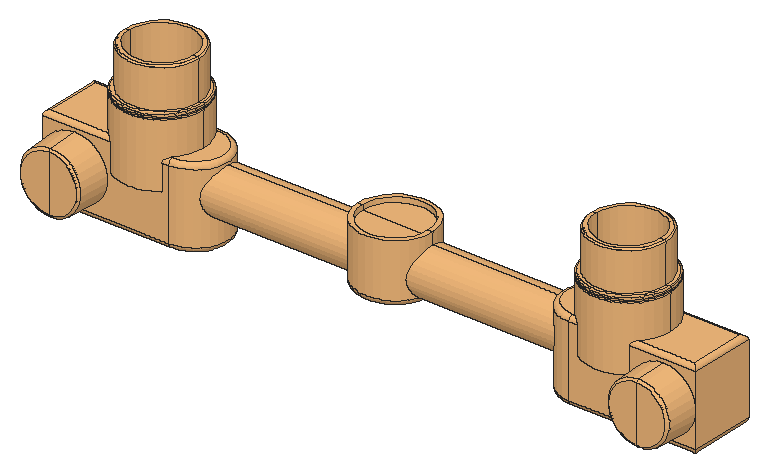
Revit family "Faucet-Valves_and_Controls-KOHLER-K-31141T", category Plumbing Fixtures, host Face, Revit 2021
Family settings
  Host = Face
  Round Connector Dimension = Use Diameter
  Part Type = Normal
  OmniClass Number = 23.27.31.00
  OmniClass Title = Valves
  Cut with Voids When Loaded = No
  Shared = No
  Room Calculation Point = No
Parameters (values of type "NA-Brass")
  Width = 11 3/128"  # constant formula
  WaterSense Certified = 1 = 0  # no
  Waste Water Outlet = "Waste Water Outlet"  # constant formula
  Waste Connection = 1 = 0  # no
  Vent Connection = 1 = 0  # no
  URL = "http://www.kohler.com.cn/"
  Type = 1
  Product Page URL = "https://www.kohler.com.cn/product/K-31141T/K-31141T-NA/"
  Product Name = ""
  Product Documentation Link = "https://files.kohler.com.cn/pdfs/1656473552156_1443561-T2_B1%20(31141T-NA%20%2034667T-NA).pdf"
  Pressure = 0.80 psi  # constant formula
  Model = if(Type = 1, "K-31141T-NA", if(Type = 2, "K-31141T-DR-NA", "NA"))  # "K-31141T-NA"
  Material = "Brass Construction"  # constant formula
  Master Format 2014 Name = "Control Valves"  # constant formula
  Master Format 2014 = "23 09 13.33"  # constant formula
  Manufacturer Address = "Kohler Beijing Office (100016) 36-2-03-B, No. 88, Liuxiang Road, Beijing"  # constant formula
  Manufacturer = "Kohler Co."  # constant formula
  Length = 2 173/256"  # constant formula
  Hot Water Inlet = "Hot Water Inlet"  # constant formula
  Height = 2 11/128"  # constant formula
  HW Connection = 1 = 1  # yes
  Flow Rate = 0 GPM
  Finish = Kohler-Metal-Brass
  Environmental Product Declaration = ""
  Description = "Double Handle Wall Outlet Basin Faucet Valve Core Type A"  # constant formula
  Default Elevation = 36"
  Declare Label = ""
  Date Modified = "02/28/2023"  # constant formula
  Date Created = "11/26/2021"  # constant formula
  Copyright = "Copyright Kohler Co."  # constant formula
  Contact Us = "http://www.kohler.com.cn/contact/contact-us/"
  Cold Water Inlet = "Cold Water Inlet"  # constant formula
  CW Connection = 1 = 1  # yes
  Assembly Code = "D2020"
  ADA Compliant = 1 = 0  # no
Types (3): name | Type | Product Page URL | Product Documentation Link | Model
  (no name) | 1 | "https://www.kohler.com.cn/product/K-31141T/K-31141T-NA/" | "https://files.kohler.com.cn/pdfs/1656473552156_1443561-T2_B1%20(31141T-NA%20%2034667T-NA).pdf" | "K-31141T-NA"
  NA-Brass | 1 | "https://www.kohler.com.cn/product/K-31141T/K-31141T-NA/" | "https://files.kohler.com.cn/pdfs/1656473552156_1443561-T2_B1%20(31141T-NA%20%2034667T-NA).pdf" | "K-31141T-NA"
  DR, NA-Brass | 2 | "" | "" | "K-31141T-DR-NA"
Reference planes (in)
  plane 1 "Center (Front/Back)": y = 0
  plane 2: z = 0
  plane 3 "Center (Left/Right)": x = 0
  plane 4: x = -3.9370079
  plane 5: x = 3.9370079
  plane 6: x = 4.9606299
  plane 7: x = 5.511811
  plane 8: x = -4.9606299
  plane 9: x = -5.5116265
  plane 10: z = -1.8503937
  plane 11: z = -2.007874
  plane 12: y = 0.9835753
  plane 13: y = -1.1023622
  plane 14: z = 1.6939284
  plane 15: x = -4.6456693
  plane 16: x = -3.2283465
  plane 17: x = -0.6692913
  plane 18: x = 0.6692913
  plane 19: x = 4.6456693
  plane 20: x = 3.2283465
  plane 21: y = 0.7086614
  plane 22: y = -0.7086614
  plane 23: x = 0.6300206
  plane 24: x = -0.6300206
  plane 25: z = -2.6757813
Forms (in)
  Extrusion 1, void
    sketch origin (0, 0, 0) x (1, 0, 0) y (0, 1, 0)
      loop
        circle (-3.9370079, 0) r 0.7086614
      loop
        circle (3.9370079, 0) r 0.7086614
      loop
        circle (0, 0) r 0.6692913
    from 0 to -1.3385827
  Extrusion 2, void
    sketch origin (0, 0, 0) x (1, 0, 0) y (0, 0, 1)
      loop
        line (-5.5116265, -2.6814476) -> (5.511811, -2.6814476) -> (5.511811, -1.3385827) -> (-5.5116265, -1.3385827) -> (-5.5116265, -2.6814476)
    from -0.984252 to 1.1023622
Dimensions and locks (in)
  "Height": plane 12 to plane 13
  locked: plane 11 to plane 2 at 2.007874
  locked: plane 15 to plane 16 at 1.4173228
  locked: plane 20 to plane 19 at 1.4173228
  locked: plane 21 to plane 22 at 1.4173228
  locked: plane 17 to plane 18 at 1.3385827
  plane 5 to plane 4 = 7.87402"
  locked: plane 8 to plane 6 at 9.9212598
  "Width": plane 7 to plane 9
  plane 4 to plane 3 "Center (Left/Right)" to plane 5 = 3.93701", 3.93701"
  "Length": level to plane 25
  aligned and locked: plane 2 to host face
  aligned and locked: level to host face
  aligned and locked: plane 3 "Center (Left/Right)" to nested 1
  aligned and locked: plane 1 "Center (Front/Back)" to nested 1
Automatic sketch dimensions
  host sketch curve to host sketch curve = 96"  (x2)
  plane 1 "Center (Front/Back)" to Extrusion 1 sketch curve = 0"  (x3)
  Extrusion 1 sketch curve to plane 4 = 0"
  Extrusion 1 sketch curve to plane 3 "Center (Left/Right)" = 0"
  Extrusion 1 sketch curve to plane 5 = 0"
  plane 9 to Extrusion 2 sketch curve = 0"
  Extrusion 2 sketch curve to plane 7 = 0"
  plane 10 to Extrusion 2 sketch curve = 0.51181"
  plane 11 to Extrusion 2 sketch curve = 0.67357"
  radius of Extrusion 1 sketch curve = 0.70866"  (x2)
  radius of Extrusion 1 sketch curve = 0.66929"
Nested families (in)
  nested 1: "K-31141T" at (0, 0, -2.6771654), type "K-31141T"
Connectors (in)
  piping at (-4.9606299, -1.1023622, -2.007874), diameter 0.5, driven by "HW Connection", driven by "Hot Water Inlet", driven by "Flow Rate"
    settings: on nested 1, index 1, connector inside diameter 24", connector length 0", flow factor 0, pipe flow 0 GPM, pressure drop 0.00 psi, fitting loss kfactor 0, connector angle 0.00°, fixture units 0, engagement length 0", angle of deflection 0.00°, flow configuration 0, flow direction 1, fitting loss method 0, system type 19, joint type 0, gender type 0, connector reference index -1, connector utility 1, adjustable connector no, is connector primary yes, connector description "Hot Water Inlet"
  piping at (4.9606299, -1.1023622, -2.007874), diameter 0.5, driven by "CW Connection", driven by "Cold Water Inlet", driven by "Flow Rate"
    settings: on nested 1, index 2, connector inside diameter 24", connector length 0", flow factor 0, pipe flow 0 GPM, pressure drop 0.00 psi, fitting loss kfactor 0, connector angle 0.00°, fixture units 0, engagement length 0", angle of deflection 0.00°, flow configuration 0, flow direction 1, fitting loss method 0, system type 20, joint type 0, gender type 0, connector reference index -1, connector utility 1, adjustable connector no, is connector primary no, connector description "Cold Water Inlet"
Definition of nested family "K-31141T"
  Parameters (values of type "K-31141T")
    Material = none
    Default Elevation = 0"
  Reference planes (in)
    plane 1 "Center (Front/Back)": y = 0
    plane 2: z = 0
    plane 3 "Center (Left/Right)": x = 0
    plane 4: x = -3.9370079
    plane 5: x = 3.9370079
    plane 6 "A": x = -4.9606299
    plane 7: x = 4.9606299
    plane 8: x = -5.511811
    plane 9: x = 5.511811
    plane 10: z = 4.3700787
    plane 11: z = 0.6692913
    plane 12: z = 2.6771654
    plane 13: y = -1.1023622
    plane 14: y = 0.984252
    plane 15: z = 0.8267716
  Forms (in)
    Sweep 1, solid, material <- "Material", detail levels medium+fine
      path origin (0, 0, 0) x (1, 0, 0) y (0, 1, 0)
        loop
          line (-3.3725741, 0.5511811) -> (-5.511811, 0.5511811) -> (-5.511811, -0.5511811) -> (-3.3725741, -0.5511811)
          arc (-3.3725741, -0.5511811) -> (-2.821393, 0) -> (-3.3725741, 0.5511811) r 0.5511811
      profile origin (-4.4421926, 0.5511811, 0) x (0, -1, 0) y (0, 0, 1)
        loop
          arc (0.0787402, 1.3385827) -> (0.0230625, 1.3155202) -> (0, 1.2598425) r 0.0787402
          line (0, 1.2598425) -> (0, 0.0787402)
          arc (0, 0.0787402) -> (0.0230625, 0.0230625) -> (0.0787402, 0) r 0.0787402
          line (0.0787402, 0) -> (0.1968504, 0) -> (0.1968504, 1.3385827) -> (0.0787402, 1.3385827)
    Extrusion 2, solid, material <- "Material", detail levels medium+fine
      sketch origin (0, 0, 0) x (1, 0, 0) y (0, 1, 0)
        loop
          line (-5.3149606, 0.3543307) -> (-5.3149606, -0.3543307) -> (-3.3725741, -0.3543307)
          arc (-3.3725741, -0.3543307) -> (-3.0182434, 0) -> (-3.3725741, 0.3543307) r 0.3543307
          line (-3.3725741, 0.3543307) -> (-5.3149606, 0.3543307)
      from 0 to 1.3385827
    Sweep 3, solid, material <- "Material", detail levels medium+fine
      path origin (0, 0, 0) x (-1, 0, 0) y (0, 1, 0)
        loop
          line (-3.3725741, 0.5511811) -> (-5.511811, 0.5511811) -> (-5.511811, -0.5511811) -> (-3.3725741, -0.5511811)
          arc (-3.3725741, -0.5511811) -> (-2.821393, 0) -> (-3.3725741, 0.5511811) r 0.5511811
      profile origin (4.4421926, 0.5511811, 0) x (0, 1, 0) y (0, 0, 1)
        loop
          line (-0.0787402, 1.3385827) -> (-0.2214567, 1.3385827) -> (-0.2214567, 0) -> (-0.0787402, 0)
          arc (-0.0787402, 0) -> (-0.0230625, 0.0230625) -> (0, 0.0787402) r 0.0787402
          line (0, 0.0787402) -> (0, 1.2598425)
          arc (0, 1.2598425) -> (-0.0230625, 1.3155202) -> (-0.0787402, 1.3385827) r 0.0787402
    Extrusion 4, solid, material <- "Material", detail levels medium+fine
      sketch origin (0, 0, 0) x (1, 0, 0) y (0, 1, 0)
        loop
          arc (-4.0551181, 0.984252) -> (-4.1107958, 0.9611895) -> (-4.1338583, 0.9055118) r 0.0787402
          line (-4.1338583, 0.9055118) -> (-4.1338583, 0.3543307) -> (-3.7401575, 0.3543307) -> (-3.7401575, 0.9055118)
          arc (-3.7401575, 0.9055118) -> (-3.7632199, 0.9611895) -> (-3.8188976, 0.984252) r 0.0787402
          line (-3.8188976, 0.984252) -> (-4.0551181, 0.984252)
        loop
          line (4.0551181, 0.984252) -> (3.8188976, 0.984252)
          arc (3.8188976, 0.984252) -> (3.7632199, 0.9611895) -> (3.7401575, 0.9055118) r 0.0787402
          line (3.7401575, 0.9055118) -> (3.7401575, 0.3989072) -> (4.1338583, 0.3989072) -> (4.1338583, 0.9055118)
          arc (4.1338583, 0.9055118) -> (4.1107958, 0.9611895) -> (4.0551181, 0.984252) r 0.0787402
      from 0 to 0.2362205
    Revolve 5, solid, material <- "Material", detail levels medium+fine
      sketch origin (0, 0, 0) x (1, 0, 0) y (0, 0, 1)
        loop
          line (-3.0551694, 0.8267716) -> (3.0150473, 0.8267716) -> (3.0150473, 1.2204724) -> (-3.0551694, 1.2204724) -> (-3.0551694, 0.8267716)
        axis (-3.0551694, 0.8267716) -> (3.0150473, 0.8267716)
      angle from 0 to 360
    Revolve 6, solid, material <- "Material", detail levels medium+fine
      sketch origin (0, 0, 0) x (1, 0, 0) y (0, 0, 1)
        loop
          line (0, 1.3354504) -> (0, 0.4330708) -> (0.5512805, 0.4330708)
          arc (0.5512805, 0.4330708) -> (0.6069582, 0.4561333) -> (0.6300206, 0.511811) r 0.0787402
          line (0.6300206, 0.511811) -> (0.6300206, 1.4173228) -> (0.5535995, 1.4173228) -> (0.5535995, 1.3354504) -> (0, 1.3354504)
        axis (0, 1.4173228) -> (0, 0.4330708)
      angle from 0 to 360
    Revolve 7, solid, material <- "Material", detail levels medium+fine
      sketch origin (0, 0, 0) x (1, 0, 0) y (0, 0, 1)
        loop
          line (-3.3069482, 2.007874) -> (-3.3069482, 2.6539138) -> (-3.3301997, 2.6771654) -> (-3.3940045, 2.6771654) -> (-3.3940045, 2.007874) -> (-3.9370079, 2.007874) -> (-3.9370079, 0.8267716) -> (-3.2283465, 0.8267716) -> (-3.2283465, 1.9094488)
          arc (-3.2283465, 1.9094488) -> (-3.2341121, 1.9233682) -> (-3.2480315, 1.9291339) r 0.019685
          arc (-3.2480315, 1.9291339) -> (-3.2341121, 1.9348995) -> (-3.2283465, 1.9488189) r 0.019685
          line (-3.2283465, 1.9488189) -> (-3.2283465, 1.988189)
          arc (-3.2283465, 1.988189) -> (-3.2341121, 2.0021084) -> (-3.2480315, 2.007874) r 0.019685
          line (-3.2480315, 2.007874) -> (-3.3069482, 2.007874)
        axis (-3.9370079, 2.6771654) -> (-3.9370079, 0.8267716)
      angle from 0 to 360
    Revolve 8, solid, material <- "Material", detail levels medium+fine
      sketch origin (0, 0, 0) x (-1, 0, 0) y (0, 0, 1)
        loop
          line (-3.3069482, 2.007874) -> (-3.3069482, 2.6539138) -> (-3.3301997, 2.6771654) -> (-3.3940045, 2.6771654) -> (-3.3940045, 2.007874) -> (-3.9370079, 2.007874) -> (-3.9370079, 0.8267716) -> (-3.2283465, 0.8267716) -> (-3.2283465, 1.9094488)
          arc (-3.2283465, 1.9094488) -> (-3.2341121, 1.9233682) -> (-3.2480315, 1.9291339) r 0.019685
          arc (-3.2480315, 1.9291339) -> (-3.2341121, 1.9348995) -> (-3.2283465, 1.9488189) r 0.019685
          line (-3.2283465, 1.9488189) -> (-3.2283465, 1.988189)
          arc (-3.2283465, 1.988189) -> (-3.2341121, 2.0021084) -> (-3.2480315, 2.007874) r 0.019685
          line (-3.2480315, 2.007874) -> (-3.3069482, 2.007874)
        axis (-3.9370079, 2.6771654) -> (-3.9370079, 0.8267716)
      angle from 0 to 360
    Revolve 9, solid, material <- "Material", detail levels medium+fine
      sketch origin (-4.9606299, 0, 0) x (0, 1, 0) y (0, 0, 1)
        loop
          line (-1.1023622, 1.1441604) -> (-1.1023622, 0.6692913) -> (-0.5511811, 0.6692913) -> (-0.5511811, 1.2111906) -> (-1.0649647, 1.1842644) -> (-1.1023622, 1.1441604)
        axis (-0.5511811, 0.6692913) -> (-1.1023622, 0.6692913)
      angle from 0 to 360
    Revolve 10, solid, material <- "Material", detail levels medium+fine
      sketch origin (4.9606299, 0, 0) x (0, 1, 0) y (0, 0, -1)
        loop
          line (-1.1023622, -1.1441604) -> (-1.0649647, -1.1842644) -> (-0.5511811, -1.2111906) -> (-0.5511811, -0.6692913) -> (-1.1023622, -0.6692913) -> (-1.1023622, -1.1441604)
        axis (-0.5511811, -0.6692913) -> (-1.1023622, -0.6692913)
      angle from 0 to 360
    Extrusion 11, solid, material <- "Material", detail levels medium+fine
      sketch origin (0, 0, 0) x (1, 0, 0) y (0, 1, 0)
        loop
          arc (3.3725741, 0.3297244) -> (3.0428497, 0) -> (3.3725741, -0.3297244) r 0.3297244
          line (3.3725741, -0.3297244) -> (5.2903543, -0.3297244) -> (5.2903543, 0.3297244) -> (3.3725741, 0.3297244)
      from 0 to 1.3385827
    Extrusion 12, solid, material <- "Material", detail levels coarse
      sketch origin (0, 0, 0) x (1, 0, 0) y (0, 1, 0)
        loop
          line (-5.5128723, 0.5522486) -> (-5.5128723, -0.5511811) -> (-3.3716741, -0.5511811)
          arc (-3.3716741, -0.5511811) -> (-2.8199593, 0.0005337) -> (-3.3716741, 0.5522486) r 0.5517148
          line (-3.3716741, 0.5522486) -> (-5.5128723, 0.5522486)
        loop
          line (5.5128723, 0.5522486) -> (3.3716741, 0.5522486)
          arc (3.3716741, 0.5522486) -> (2.8199593, 0.0005337) -> (3.3716741, -0.5511811) r 0.5517148
          line (3.3716741, -0.5511811) -> (5.5128723, -0.5511811) -> (5.5128723, 0.5522486)
      from 0 to 1.337081
    Revolve 13, solid, material <- "Material", detail levels coarse
      sketch origin (0, 0, 0) x (1, 0, 0) y (0, 0, 1)
        loop
          line (-3.9370079, 2.6771654) -> (-3.9370079, 0.8267716) -> (-3.2283465, 0.8267716) -> (-3.2283465, 2.6771654) -> (-3.9370079, 2.6771654)
        axis (-3.9370079, 2.6771654) -> (-3.9370079, 0.8267716)
      angle from 0 to 360
    Revolve 14, solid, material <- "Material", detail levels coarse
      sketch origin (0, 0, 0) x (-1, 0, 0) y (0, 0, 1)
        loop
          line (-3.9370079, 2.6771654) -> (-3.9370079, 0.8267716) -> (-3.2283465, 0.8267716) -> (-3.2283465, 2.6771654) -> (-3.9370079, 2.6771654)
        axis (-3.9370079, 2.6771654) -> (-3.9370079, 0.8267716)
      angle from 0 to 360
    Revolve 15, solid, material <- "Material", detail levels coarse
      sketch origin (0, 0, 0) x (1, 0, 0) y (0, 0, 1)
        loop
          line (3.9370079, 0.8267716) -> (3.9370079, 1.2204724) -> (-3.9370079, 1.2204724) -> (-3.9370079, 0.8267716) -> (3.9370079, 0.8267716)
        axis (-3.9370079, 0.8267716) -> (3.9370079, 0.8267716)
      angle from 0 to 360
    Revolve 16, solid, material <- "Material", detail levels coarse
      sketch origin (-4.9606299, 0, 0) x (0, 1, 0) y (0, 0, 1)
        loop
          line (-0.5511811, 0.6692913) -> (-0.5511811, 1.2049599) -> (-1.1023622, 1.1760738) -> (-1.1023622, 0.6692913) -> (-0.5511811, 0.6692913)
        axis (-0.5511811, 0.6692913) -> (-1.1023622, 0.6692913)
      angle from 0 to 360
    Revolve 17, solid, material <- "Material", detail levels coarse
      sketch origin (4.9606299, 0, 0) x (0, 1, 0) y (0, 0, -1)
        loop
          line (-0.5511811, -0.6692913) -> (-1.1023622, -0.6692913) -> (-1.1023622, -1.1760738) -> (-0.5511811, -1.2049599) -> (-0.5511811, -0.6692913)
        axis (-0.5511811, -0.6692913) -> (-1.1023622, -0.6692913)
      angle from 0 to 360
    Extrusion 18, solid, material <- "Material", detail levels coarse
      sketch origin (0, 0, 0) x (1, 0, 0) y (0, 1, 0)
        loop
          line (-4.1338583, 0.984252) -> (-4.1338583, 0) -> (-3.7401575, 0) -> (-3.7401575, 0.984252) -> (-4.1338583, 0.984252)
        loop
          line (4.1338583, 0.984252) -> (3.7401575, 0.984252) -> (3.7401575, 0) -> (4.1338583, 0) -> (4.1338583, 0.984252)
      from 0 to 0.2362205
    Extrusion 19, solid, detail levels medium+fine
      sketch origin (0, 0, 0) x (1, 0, 0) y (0, 0, 1)
        loop
          circle (-2.5404329, 0.8267716) r 0.0590551
      from -0.3514527 to -0.394532
    Revolve 20, solid, material <- "Material", detail levels coarse
      sketch origin (0, 0, 0) x (1, 0, 0) y (0, 0, 1)
        loop
          line (0, 1.4173228) -> (0, 0.4338436) -> (0.6300206, 0.4338436) -> (0.6300206, 1.4173228) -> (0, 1.4173228)
        axis (0, 1.4173228) -> (0, 0.4338436)
      angle from 0 to 360
  Cuts and joins
    joined: Sweep 1, Extrusion 2, Extrusion 4, Revolve 5, Revolve 6, Revolve 7, Revolve 8, Revolve 9, Revolve 10
    joined: Sweep 3, Extrusion 11
    joined: Extrusion 12, Revolve 13, Revolve 14, Revolve 15, Revolve 16, Revolve 17, Extrusion 18
  Lines and regions (in)
    Masking region 1
      outline origin (0, 0, 0) x (1, 0, 0) y (0, 1, 0)
        loop
          circle (-3.9370079, 0) r 0.7086614
        loop
          circle (0, 0) r 0.6300206
        loop
          circle (3.9370079, 0) r 0.7086614
    Masking region 2
      outline origin (0, 0, 0) x (0, 1, 0) y (0, 0, 1)
        loop
          line (-0.4724409, 0) -> (0.9448819, 0)
          arc (0.9448819, 0) -> (0.9727207, 0.0115312) -> (0.984252, 0.0393701) r 0.0393701
          line (0.984252, 0.0393701) -> (0.984252, 0.1968504)
          arc (0.984252, 0.1968504) -> (0.9727207, 0.2246892) -> (0.9448819, 0.2362205) r 0.0393701
          line (0.9448819, 0.2362205) -> (0.5511811, 0.2362205) -> (0.5511811, 0.4333571)
          arc (0.5511811, 0.4333571) -> (0.6071938, 0.4602119) -> (0.6299213, 0.5180224) r 0.0848883
          line (0.6299213, 0.5180224) -> (0.6299213, 0.8267716) -> (0.7086614, 0.8267716) -> (0.7086614, 1.9071038)
          arc (0.7086614, 1.9071038) -> (0.702209, 1.9226814) -> (0.6866314, 1.9291339) r 0.02203
          arc (0.6866314, 1.9291339) -> (0.702209, 1.9355863) -> (0.7086614, 1.9511639) r 0.02203
          line (0.7086614, 1.9511639) -> (0.7086614, 1.988032)
          arc (0.7086614, 1.988032) -> (0.7028498, 2.0020624) -> (0.6888194, 2.007874) r 0.019842
          line (0.6888194, 2.007874) -> (0.6300597, 2.007874) -> (0.6300597, 2.6539138) -> (0.6068081, 2.6771654) -> (-0.6068081, 2.6771654) -> (-0.6300597, 2.6539138) -> (-0.6300597, 2.007874) -> (-0.6888194, 2.007874)
          arc (-0.6888194, 2.007874) -> (-0.7028498, 2.0020624) -> (-0.7086614, 1.988032) r 0.019842
          line (-0.7086614, 1.988032) -> (-0.7086614, 1.9511639)
          arc (-0.7086614, 1.9511639) -> (-0.702209, 1.9355863) -> (-0.6866314, 1.9291339) r 0.02203
          arc (-0.6866314, 1.9291339) -> (-0.702209, 1.9226814) -> (-0.7086614, 1.9071038) r 0.02203
          line (-0.7086614, 1.9071038) -> (-0.7086614, 1.1967067) -> (-1.0649647, 1.1842644) -> (-1.1023622, 1.1441604) -> (-1.1023622, 0.1944223) -> (-1.0649647, 0.1543183) -> (-0.5511811, 0.1363766) -> (-0.5511811, 0.0787402)
          arc (-0.5511811, 0.0787402) -> (-0.5281186, 0.0230625) -> (-0.4724409, 0) r 0.0787402
    Masking region 3, detail levels medium+fine
      outline origin (0, 0, 0) x (1, 0, 0) y (0, 0, 1)
        loop
          arc (5.511811, 1.2583408) -> (5.4887486, 1.3140185) -> (5.4330709, 1.337081) r 0.0787402
          line (5.4330709, 1.337081) -> (4.6456693, 1.337081) -> (4.6456693, 1.9094488)
          arc (4.6456693, 1.9094488) -> (4.6399037, 1.9233682) -> (4.6259843, 1.9291339) r 0.019685
          arc (4.6259843, 1.9291339) -> (4.6399037, 1.9348995) -> (4.6456693, 1.9488189) r 0.019685
          line (4.6456693, 1.9488189) -> (4.6456693, 1.988189)
          arc (4.6456693, 1.988189) -> (4.6399037, 2.0021084) -> (4.6259843, 2.007874) r 0.019685
          line (4.6259843, 2.007874) -> (4.5670676, 2.007874) -> (4.5670676, 2.6539138) -> (4.543816, 2.6771654) -> (3.3301997, 2.6771654) -> (3.3069482, 2.6539138) -> (3.3069482, 2.007874) -> (3.2480315, 2.007874)
          arc (3.2480315, 2.007874) -> (3.2341121, 2.0021084) -> (3.2283465, 1.988189) r 0.019685
          line (3.2283465, 1.988189) -> (3.2283465, 1.9488189)
          arc (3.2283465, 1.9488189) -> (3.2341121, 1.9348995) -> (3.2480315, 1.9291339) r 0.019685
          arc (3.2480315, 1.9291339) -> (3.2341121, 1.9233682) -> (3.2283465, 1.9094488) r 0.019685
          line (3.2283465, 1.9094488) -> (3.2283465, 1.337081) -> (2.937907, 1.337081)
          arc (2.937907, 1.337081) -> (2.8554523, 1.3029271) -> (2.8212985, 1.2204724) r 0.1166085
          line (2.8212985, 1.2204724) -> (0.6300206, 1.2204724) -> (0.6300206, 1.4173228) -> (-0.6300206, 1.4173228) -> (-0.6300206, 1.2204724) -> (-2.8212985, 1.2204724)
          arc (-2.8212985, 1.2204724) -> (-2.8554523, 1.3029271) -> (-2.937907, 1.337081) r 0.1166085
          line (-2.937907, 1.337081) -> (-3.2283465, 1.337081) -> (-3.2283465, 1.9094488)
          arc (-3.2283465, 1.9094488) -> (-3.2341121, 1.9233682) -> (-3.2480315, 1.9291339) r 0.019685
          arc (-3.2480315, 1.9291339) -> (-3.2341121, 1.9348995) -> (-3.2283465, 1.9488189) r 0.019685
          line (-3.2283465, 1.9488189) -> (-3.2283465, 1.988189)
          arc (-3.2283465, 1.988189) -> (-3.2341121, 2.0021084) -> (-3.2480315, 2.007874) r 0.019685
          line (-3.2480315, 2.007874) -> (-3.3069482, 2.007874) -> (-3.3069482, 2.6539138) -> (-3.3301997, 2.6771654) -> (-4.543816, 2.6771654) -> (-4.5670676, 2.6539138) -> (-4.5670676, 2.007874) -> (-4.6259843, 2.007874)
          arc (-4.6259843, 2.007874) -> (-4.6399037, 2.0021084) -> (-4.6456693, 1.988189) r 0.019685
          line (-4.6456693, 1.988189) -> (-4.6456693, 1.9488189)
          arc (-4.6456693, 1.9488189) -> (-4.6399037, 1.9348995) -> (-4.6259843, 1.9291339) r 0.019685
          arc (-4.6259843, 1.9291339) -> (-4.6399037, 1.9233682) -> (-4.6456693, 1.9094488) r 0.019685
          line (-4.6456693, 1.9094488) -> (-4.6456693, 1.337081) -> (-5.4330709, 1.337081)
          arc (-5.4330709, 1.337081) -> (-5.4887486, 1.3140185) -> (-5.511811, 1.2583408) r 0.0787402
          line (-5.511811, 1.2583408) -> (-5.511811, 0.0787402)
          arc (-5.511811, 0.0787402) -> (-5.4887486, 0.0230625) -> (-5.4330709, 0) r 0.0787402
          line (-5.4330709, 0) -> (-2.9000386, 0)
          arc (-2.9000386, 0) -> (-2.8443609, 0.0230625) -> (-2.8212985, 0.0787402) r 0.0787402
          line (-2.8212985, 0.0787402) -> (-2.8212985, 0.4338436) -> (2.8212985, 0.4338436) -> (2.8212985, 0.0787402)
          arc (2.8212985, 0.0787402) -> (2.8443609, 0.0230625) -> (2.9000386, 0) r 0.0787402
          line (2.9000386, 0) -> (5.4330709, 0)
          arc (5.4330709, 0) -> (5.4887486, 0.0230625) -> (5.511811, 0.0787402) r 0.0787402
          line (5.511811, 0.0787402) -> (5.511811, 1.2583408)
    symbolic lines, detail levels medium+fine
      curve 1: circle (-3.9370079, 0, 0) r 0.6300597 normal (0, 0, 1)
      curve 2: circle (-3.9370079, 0, 0) r 0.6068081 normal (0, 0, 1)
      curve 3: circle (-3.9370079, 0, 0) r 0.5430034 normal (0, 0, 1)
      curve 4: line (0, 0.5511811, 0.2362205) -> (0, 0.5511811, 0.0787402)
      curve 5: arc (0, 0.5511811, 0.0787402) -> (0, 0.5281186, 0.0230625) -> (0, 0.4724409, 0) r 0.0787402
      curve 6: line (0, 0.5511811, 0.4333571) -> (0, 0.5511811, 1.2598425)
      curve 7: line (0, 0.4724409, 1.3385827) -> (0, -0.4724409, 1.3385827)
      curve 8: line (0, -0.5524324, 1.2602883) -> (0, -0.5511811, 0.1363766)
      curve 9: arc (0, 0.5511811, 1.2598425) -> (0, 0.5281186, 1.3155202) -> (0, 0.4724409, 1.3385827) r 0.0787402
      curve 10: arc (0, -0.4724409, 1.3385827) -> (0, -0.5284067, 1.3157516) -> (0, -0.5524324, 1.2602883) r 0.0800098
      curve 11: line (0, -1.0649647, 1.1842644) -> (0, -1.0649647, 0.1543183)
      curve 12: line (0, -0.7086614, 1.1967067) -> (0, -0.5523707, 1.2048976)
      curve 13: line (0, 0.6889764, 1.9291339) -> (0, -0.6866314, 1.9291339)
      curve 14: line (0, 0.6553268, 2.007874) -> (0, -0.6553268, 2.007874)
      curve 15: line (0, 0.6300597, 2.6539138) -> (0, 0.6300597, 2.007874)
      curve 16: line (0, 0.6300597, 2.6539138) -> (0, 0.6068081, 2.6771654)
      curve 17: line (0, -0.6300597, 2.6539138) -> (0, -0.6300597, 2.007874)
      curve 18: line (0, -0.6300597, 2.6539138) -> (0, -0.6068081, 2.6771654)
      curve 19: line (0, 0.6068081, 2.6771654) -> (0, -0.6068081, 2.6771654)
      curve 20: line (0, 0.6300597, 2.6539138) -> (0, -0.6300597, 2.6539138)
      curve 21: line (4.6456693, 0, 1.337081) -> (3.2283465, 0, 1.337081)
      curve 22: line (4.0944882, 0, 0.2362205) -> (3.7795276, 0, 0.2362205)
      curve 23: line (4.1338583, 0, 0.0393701) -> (4.1338583, 0, 0.1968504)
      curve 24: line (3.7795276, 0, 0) -> (4.0944882, 0, 0)
      curve 25: line (3.7401575, 0, 0.1968504) -> (3.7401575, 0, 0.0393701)
      curve 26: arc (4.1338583, 0, 0.1968504) -> (4.122327, 0, 0.2246892) -> (4.0944882, 0, 0.2362205) r 0.0393701
      curve 27: arc (4.0944882, 0, 0) -> (4.122327, 0, 0.0115312) -> (4.1338583, 0, 0.0393701) r 0.0393701
      curve 28: arc (3.7795276, 0, 0.2362205) -> (3.7516887, 0, 0.2246892) -> (3.7401575, 0, 0.1968504) r 0.0393701
      curve 29: arc (3.7401575, 0, 0.0393701) -> (3.7516887, 0, 0.0115312) -> (3.7795276, 0, 0) r 0.0393701
      curve 30: line (-3.4915863, 0, 0.8267716) -> (-4.3824295, 0, 0.8267716)
      curve 31: line (-3.4915863, 0, 0.8267716) -> (-3.4915863, 0, 1.2598425)
      curve 32: line (-3.2283465, 0, 1.3385827) -> (-3.4086822, 0, 1.3385827)
      curve 33: arc (-3.4086822, 0, 1.3385827) -> (-3.4658511, 0, 1.3157605) -> (-3.4915863, 0, 1.2598425) r 0.0830141
      curve 34: line (-4.3824295, 0, 1.2641565) -> (-4.3824295, 0, 0.8267716)
      curve 35: spline (-4.4560759, 0, 1.3378492) -> (-4.4485397, 0, 1.3372637) -> (-4.4409948, 0, 1.3355137) -> (-4.4335254, 0, 1.3326188) -> (-4.4262146, 0, 1.3286111) -> (-4.4191437, 0, 1.3235352) -> (-4.4123914, 0, 1.3174477) -> (-4.406033, 0, 1.3104164) -> (-4.4001392, 0, 1.3025193) -> (-4.3947755, 0, 1.2938446) -> (-4.3900018, 0, 1.2844888) -> (-4.3858711, 0, 1.2745559) -> (-4.3824295, 0, 1.2641565)
      curve 36: line (-4.4560759, 0, 1.3385827) -> (-4.6456693, 0, 1.3385827)
      curve 37: line (-2.821393, 0, 1.2204724) -> (-2.821393, 0, 0.4330708)
      curve 38: line (-3.2480315, 0, 2.007874) -> (-4.6259843, 0, 2.007874)
      curve 39: line (-4.5670676, 0, 2.6539138) -> (-3.3069482, 0, 2.6539138)
      curve 40: line (-4.6259843, 0, 1.9291339) -> (-3.2480315, 0, 1.9291339)
      curve 41: line (-4.0944882, 0, 0.2362205) -> (-3.7795276, 0, 0.2362205)
      curve 42: line (-4.1338583, 0, 0.0393701) -> (-4.1338583, 0, 0.1968504)
      curve 43: line (-3.7795276, 0, 0) -> (-4.0944882, 0, 0)
      curve 44: line (-3.7401575, 0, 0.1968504) -> (-3.7401575, 0, 0.0393701)
      curve 45: arc (-4.1338583, 0, 0.1968504) -> (-4.122327, 0, 0.2246892) -> (-4.0944882, 0, 0.2362205) r 0.0393701
      curve 46: arc (-4.0944882, 0, 0) -> (-4.122327, 0, 0.0115312) -> (-4.1338583, 0, 0.0393701) r 0.0393701
      curve 47: arc (-3.7795276, 0, 0.2362205) -> (-3.7516887, 0, 0.2246892) -> (-3.7401575, 0, 0.1968504) r 0.0393701
      curve 48: arc (-3.7401575, 0, 0.0393701) -> (-3.7516887, 0, 0.0115312) -> (-3.7795276, 0, 0) r 0.0393701
      curve 49: line (2.821393, 0, 1.2204724) -> (2.821393, 0, 0.4330708)
      curve 50: line (3.4915863, 0, 0.8267716) -> (4.3824295, 0, 0.8267716)
      curve 51: line (3.4915863, 0, 0.8267716) -> (3.4915863, 0, 1.2598425)
      curve 52: line (3.2283465, 0, 1.3385827) -> (3.4086822, 0, 1.3385827)
      curve 53: arc (3.4086822, 0, 1.3385827) -> (3.4658511, 0, 1.3157605) -> (3.4915863, 0, 1.2598425) r 0.0830141
      curve 54: line (4.3824295, 0, 1.2641565) -> (4.3824295, 0, 0.8267716)
      curve 55: spline (4.4560759, 0, 1.3378492) -> (4.4485397, 0, 1.3372637) -> (4.4409948, 0, 1.3355137) -> (4.4335254, 0, 1.3326188) -> (4.4262146, 0, 1.3286111) -> (4.4191437, 0, 1.3235352) -> (4.4123914, 0, 1.3174477) -> (4.406033, 0, 1.3104164) -> (4.4001392, 0, 1.3025193) -> (4.3947755, 0, 1.2938446) -> (4.3900018, 0, 1.2844888) -> (4.3858711, 0, 1.2745559) -> (4.3824295, 0, 1.2641565)
      curve 56: line (4.4560759, 0, 1.3385827) -> (4.6456693, 0, 1.3385827)
      curve 57: line (3.2480315, 0, 2.007874) -> (4.6259843, 0, 2.007874)
      curve 58: line (4.5670676, 0, 2.6539138) -> (3.3069482, 0, 2.6539138)
      curve 59: line (4.6259843, 0, 1.9291339) -> (3.2480315, 0, 1.9291339)
      curve 60: line (0.6300206, 0, 1.4173228) -> (-0.6300206, 0, 1.4173228)
      curve 61: line (0.5841343, 0, 0.5129588) -> (0.6300206, 0, 1.2204724)
      curve 62: spline (0.5507035, 0, 0.4338436) -> (0.5600183, 0, 0.4334936) -> (0.5682678, 0, 0.4344913) -> (0.5753981, 0, 0.4368302) -> (0.5813627, 0, 0.4404951) -> (0.5861227, 0, 0.445462) -> (0.589647, 0, 0.4516986) -> (0.5919126, 0, 0.459164) -> (0.5929047, 0, 0.4678097) -> (0.5926169, 0, 0.4775792) -> (0.591051, 0, 0.4884087) -> (0.5882173, 0, 0.5002276) -> (0.5841343, 0, 0.5129588)
      curve 63: line (-0.6300206, 0, 1.2204724) -> (-0.5841332, 0, 0.5129422)
      curve 64: spline (-0.5841332, 0, 0.5129422) -> (-0.5890646, 0, 0.501159) -> (-0.5925978, 0, 0.4901244) -> (-0.59471, 0, 0.4799104) -> (-0.5953873, 0, 0.4705834) -> (-0.5946253, 0, 0.462204) -> (-0.592429, 0, 0.4548269) -> (-0.5888127, 0, 0.4485) -> (-0.5837999, 0, 0.4432646) -> (-0.5774233, 0, 0.4391546) -> (-0.5697244, 0, 0.436197) -> (-0.5607532, 0, 0.4344108) -> (-0.5505681, 0, 0.4338077)
      curve 72: circle (3.9370079, 0, 0) r 0.6300597 normal (0, 0, -1)
      curve 73: circle (3.9370079, 0, 0) r 0.6068081 normal (0, 0, -1)
      curve 74: circle (3.9370079, 0, 0) r 0.5430034 normal (0, 0, -1)
      curve 75: arc (-2.4813778, 0, 0.8267716) -> (-2.5404329, 0, 0.8858268) -> (-2.599488, 0, 0.8267716) r 0.0590551
      curve 76: arc (-2.599488, 0, 0.8267716) -> (-2.5404329, 0, 0.7677165) -> (-2.4813778, 0, 0.8267716) r 0.0590551
      curve 77: arc (0.5535995, 0, 0) -> (0, 0.5535995, 0) -> (-0.5535995, 0, 0) r 0.5535995
      curve 78: arc (-0.5535995, 0, 0) -> (0, -0.5535995, 0) -> (0.5535995, 0, 0) r 0.5535995
    symbolic lines, detail levels coarse
      curve 65: line (0, 0, 1.0766486) -> (0.3981988, 0, 1.365957)
      curve 66: line (0, 0, 1.0766486) -> (0.3981988, 0, 0.7873402)
      curve 67: line (0.3981988, 0, 1.365957) -> (0.3981988, 0, 0.7873402)
      curve 68: line (0, 0, 1.0766486) -> (0, 0, 0.6690951)
      curve 69: line (0, 0, 0.6690951) -> (0.386223, 0, 0.6690951)
      curve 70: line (0, 0, 0.6690951) -> (-0.386223, 0, 0.6690951)
      curve 71: arc (0.386223, 0, 0.6690951) -> (0, 0, 0.4830216) -> (-0.386223, 0, 0.6690951) r 0.4938684
      curve 79: line (0, 0, 1.0766486) -> (-0.3981988, 0, 1.365957)
      curve 80: line (0, 0, 1.0766486) -> (-0.3981988, 0, 0.7873402)
      curve 81: line (-0.3981988, 0, 1.365957) -> (-0.3981988, 0, 0.7873402)
  Dimensions and locks (in)
    plane 4 to plane 3 "Center (Left/Right)" to plane 5 = 3.93701" locked, 3.93701" locked
    locked: plane 6 "A" to plane 7 at 9.9212598
    locked: plane 8 to plane 9 at 11.023622
    locked: plane 10 to plane 2 at 4.3700787
    locked: plane 12 to plane 11 at 2.007874
    locked: plane 14 to plane 13 at 2.0866142
    aligned and locked: plane 2 to level
